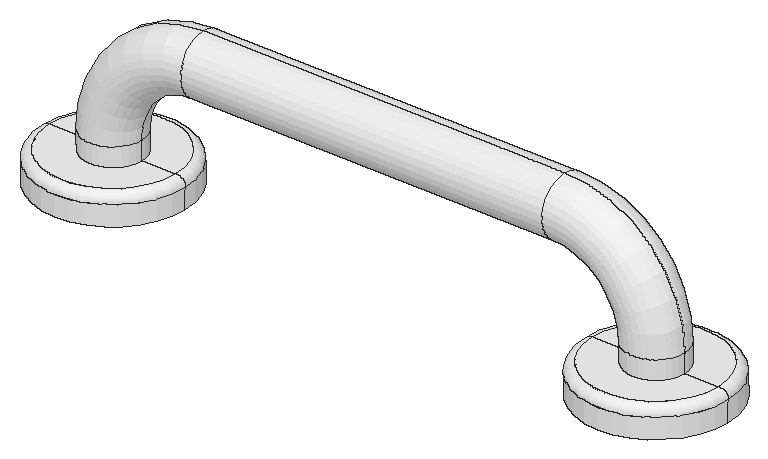
Revit family "Home collection grab rail - straight 300mm-687370W", category Specialty Equipment, host Face, Revit 2015
Parameters (values of type "Home collection grab rail - straight 300mm White")
  URL = "https://www.caroma.com.au/"
  Rail_Width = 300 mm
  Rail_Offset = 76 mm
  Model = "687370W"
  Material_Rail = GWA-Metal-White
  Manufacturer = "GWA Bathrooms & Kitchens"  # constant formula
  Description = "Home collection grab rail - straight 300mm White"
  Default Elevation = 900 mm
  CreatedBy_ANZRS = "GWA Bathrooms & Kitchens"  # constant formula
  Assembly Code = "C1030200"
Types (9, lengths in mm): name | Rail_Width | Rail_Offset | Model | Material_Rail | Description
  (no name) | 300 | 76 | "687370W" | GWA-Metal-White | "Home collection grab rail - straight 300mm White"
  Home collection grab rail - straight 300mm Chrome | 300 | 76 | "687370C" | GWA_Metal-Chrome | "Home collection grab rail - straight 300mm Chrome"
  Home collection grab rail - straight 300mm White | 300 | 76 | "687370W" | GWA-Metal-White | "Home collection grab rail - straight 300mm White"
  Home collection grab rail - straight 450mm Chrome | 450 | 76 | "687371C" | GWA_Metal-Chrome | "Home collection grab rail - straight 450mm Chrome"
  Home collection grab rail - straight 450mm White | 450 | 76 | "687371W" | GWA-Metal-White | "Home collection grab rail - straight 450mm White"
  Home collection grab rail - straight 600mm Chrome | 600 | 71 | "687372C" | GWA_Metal-Chrome | "Home collection grab rail - straight 600mm Chrome"
  Home collection grab rail - straight 600mm White | 600 | 71 | "687372W" | GWA-Metal-White | "Home collection grab rail - straight 600mm White"
  Home collection grab rail - straight 900mm Chrome | 900 | 71 | "687373C" | GWA_Metal-Chrome | "Home collection grab rail - straight 900mm Chrome"
  Home collection grab rail - straight 900mm White | 900 | 71 | "687373W" | GWA-Metal-White | "Home collection grab rail - straight 900mm White"
Reference planes
  plane 1 "Center (Front/Back)": y = 0
  plane 2: z = 0
  plane 3 "Center (Left/Right)": x = 0
  plane 4 "Left": x = -150
  plane 5 "Right": x = 150
  plane 6: z = 76
Forms (mm)
  Sweep 1, solid, material "GWA-Metal-White" <- "Material_Rail"
    path origin (0, 0, 56.664) x (1, 0, 0) y (0, 0, 1)
      loop
        line (-150, -56.664) -> (-150, -30.664)
        arc (-150, -30.664) -> (-135.355, 4.691) -> (-100, 19.336) r 50
        line (-100, 19.336) -> (100, 19.336)
        arc (100, 19.336) -> (135.355, 4.691) -> (150, -30.664) r 50
        line (150, -30.664) -> (150, -56.664)
    profile origin (-150, 0, 13) x (-1, 0, 0) y (0, -1, 0)
      loop
        circle (0, 0) r 16
  Revolve 2, solid, material "GWA-Metal-White" <- "Material_Rail"
    sketch origin (0, 0, 0) x (1, 0, 0) y (0, 0, 1)
      loop
        line (-150, 0) -> (-110, 0) -> (-110, 11)
        arc (-110, 11) -> (-111.464, 14.536) -> (-115, 16) r 5
        line (-115, 16) -> (-150, 16) -> (-150, 0)
      axis (-150, 16) -> (-150, 0)
    angle from 0 to 360
  Revolve 3, solid, material "GWA-Metal-White" <- "Material_Rail"
    sketch origin (0, 0, 0) x (1, 0, 0) y (0, 0, 1)
      loop
        line (150, 0) -> (190, 0) -> (190, 11)
        arc (190, 11) -> (188.536, 14.536) -> (185, 16) r 5
        line (185, 16) -> (150, 16) -> (150, 0)
      axis (150, 16) -> (150, 0)
    angle from 0 to 360
Lines and regions (mm)
  Masking region 1
    outline origin (0, 0, 0) x (1, 0, 0) y (0, 1, 0)
      loop
        arc (-113.339, 16) -> (-190, 0) -> (-113.339, -16) r 40
        line (-113.339, -16) -> (113.339, -16)
        arc (113.339, -16) -> (190, 0) -> (113.339, 16) r 40
        line (113.339, 16) -> (-113.339, 16)
  Masking region 2
    outline origin (0, 0, 0) x (1, 0, 0) y (0, 0, 1)
      loop
        line (-110, 0) -> (-110, 11)
        arc (-110, 11) -> (-111.464, 14.536) -> (-115, 16) r 5
        line (-115, 16) -> (-134, 16) -> (-134, 26)
        arc (-134, 26) -> (-124.042, 50.042) -> (-100, 60) r 34
        line (-100, 60) -> (100, 60)
        arc (100, 60) -> (124.042, 50.042) -> (134, 26) r 34
        line (134, 26) -> (134, 16) -> (115, 16)
        arc (115, 16) -> (111.464, 14.536) -> (110, 11) r 5
        line (110, 11) -> (110, 0) -> (190, 0) -> (190, 11)
        arc (190, 11) -> (188.536, 14.536) -> (185, 16) r 5
        line (185, 16) -> (166, 16) -> (166, 26)
        arc (166, 26) -> (146.669, 72.669) -> (100, 92) r 66
        line (100, 92) -> (-100, 92)
        arc (-100, 92) -> (-146.669, 72.669) -> (-166, 26) r 66
        line (-166, 26) -> (-166, 16) -> (-185, 16)
        arc (-185, 16) -> (-188.536, 14.536) -> (-190, 11) r 5
        line (-190, 11) -> (-190, 0) -> (-110, 0)
  Masking region 3
    outline origin (0, 0, 0) x (0, 1, 0) y (0, 0, 1)
      loop
        line (-40, 0) -> (40, 0) -> (40, 11)
        arc (40, 11) -> (38.536, 14.536) -> (35, 16) r 5
        line (35, 16) -> (16, 16) -> (16, 76)
        arc (16, 76) -> (0, 92) -> (-16, 76) r 16
        line (-16, 76) -> (-16, 16) -> (-35, 16)
        arc (-35, 16) -> (-38.536, 14.536) -> (-40, 11) r 5
        line (-40, 11) -> (-40, 0)
  symbolic lines
    curve 1: arc (-150, 16, 0) -> (-166, 0, 0) -> (-150, -16, 0) r 16
    curve 2: arc (150, 16, 0) -> (166, 0, 0) -> (150, -16, 0) r 16
    curve 3: arc (113.339, 16, 0) -> (190, 0, 0) -> (113.339, -16, 0) r 40
    curve 4: arc (-113.339, -16, 0) -> (-190, 0, 0) -> (-113.339, 16, 0) r 40
    curve 5: line (-150, 16, 0) -> (150, 16, 0)
    curve 6: line (150, -16, 0) -> (-150, -16, 0)
    curve 7: line (-150, 0, 0) -> (-190, 0, 0)
    curve 8: line (-190, 0, 0) -> (-190, 0, 11)
    curve 9: line (-110, 0, 0) -> (-110, 0, 11)
    curve 10: line (-115, 0, 16) -> (-185, 0, 16)
    curve 11: arc (-185, 0, 16) -> (-188.536, 0, 14.536) -> (-190, 0, 11) r 5
    curve 12: arc (-115, 0, 16) -> (-111.464, 0, 14.536) -> (-110, 0, 11) r 5
    curve 13: line (-134, 0, 16) -> (-134, 0, 26)
    curve 14: line (-166, 0, 16) -> (-166, 0, 26)
    curve 15: line (190, 0, 0) -> (190, 0, 11)
    curve 16: line (185, 0, 16) -> (115, 0, 16)
    curve 17: line (110, 0, 11) -> (110, 0, 0)
    curve 18: line (110, 0, 0) -> (190, 0, 0)
    curve 19: line (134, 0, 16) -> (134, 0, 26)
    curve 20: line (166, 0, 16) -> (166, 0, 26)
    curve 21: line (100, 0, 92) -> (-100, 0, 92)
    curve 22: line (100, 0, 60) -> (-100, 0, 60)
    curve 23: arc (-134, 0, 26) -> (-124.042, 0, 50.042) -> (-100, 0, 60) r 34
    curve 24: arc (100, 0, 60) -> (124.042, 0, 50.042) -> (134, 0, 26) r 34
    curve 25: arc (-166, 0, 26) -> (-146.669, 0, 72.669) -> (-100, 0, 92) r 66
    curve 26: arc (100, 0, 92) -> (146.669, 0, 72.669) -> (166, 0, 26) r 66
    curve 27: arc (110, 0, 11) -> (111.464, 0, 14.536) -> (115, 0, 16) r 5
    curve 28: arc (185, 0, 16) -> (188.536, 0, 14.536) -> (190, 0, 11) r 5
    curve 29: line (0, -40, 0) -> (0, -40, 11)
    curve 30: line (0, -35, 16) -> (0, 35, 16)
    curve 31: line (0, 40, 11) -> (0, 40, 0)
    curve 32: line (0, 40, 0) -> (0, -40, 0)
    curve 33: line (0, -16, 16) -> (0, -16, 76)
    curve 34: line (0, 16, 16) -> (0, 16, 76)
    curve 35: arc (0, -40, 11) -> (0, -38.536, 14.536) -> (0, -35, 16) r 5
    curve 36: arc (0, 35, 16) -> (0, 38.536, 14.536) -> (0, 40, 11) r 5
    curve 37: arc (0, -16, 76) -> (0, 0, 92) -> (0, 16, 76) r 16
Dimensions and locks
  "Rail_Width": plane 4 "Left" to plane 5 "Right"
  equal spacing: plane 4 "Left", plane 3 "Center (Left/Right)", plane 5 "Right"
  "Rail_Offset": level to plane 6
  curve 21 to plane 6 = 16 mm
  curve 16 to curve 18 = 16 mm
  radius of Sweep 1 sketch curve = 50 mm  (x2)
  aligned and locked: plane 2 to host face
  aligned and locked: level to host face
  aligned and locked: Revolve 3 to Sweep 1 sketch curve
  aligned and locked: Sweep 1 sketch curve to curve 7
Automatic sketch dimensions
  host sketch curve to host sketch curve = 1402.285 mm
  host sketch curve to host sketch curve = 393.94 mm
  plane 1 "Center (Front/Back)" to Sweep 1 sketch curve = 0 mm
  Sweep 1 sketch curve to profile plane = 0 mm
  Revolve 2 sketch curve to level = 0 mm
  Revolve 2 sketch curve to plane 4 "Left" = 0 mm  (x2)
  level to Revolve 2 sketch curve = 11 mm
  plane 4 "Left" to Revolve 2 sketch curve = 35 mm
  Revolve 2 sketch curve to Revolve 2 sketch curve = 5 mm
  Revolve 2 sketch curve to Revolve 2 sketch curve = 12.981 mm
  Revolve 2 sketch curve to Revolve 2 sketch curve = 10 mm
  Revolve 3 sketch curve to level = 0 mm
  Revolve 3 sketch curve to plane 5 "Right" = 0 mm  (x2)
  level to Revolve 3 sketch curve = 11 mm
  plane 5 "Right" to Revolve 3 sketch curve = 35 mm
  Revolve 3 sketch curve to Revolve 3 sketch curve = 5 mm
  Revolve 3 sketch curve to Revolve 3 sketch curve = 20 mm
  Revolve 3 sketch curve to Revolve 3 sketch curve = 45 mm
  plane 1 "Center (Front/Back)" to Masking region 1 sketch curve = 0 mm  (x2)
  Masking region 1 sketch curve to plane 4 "Left" = 0 mm
  Masking region 1 sketch curve to plane 5 "Right" = 0 mm
  Masking region 1 sketch curve to plane 1 "Center (Front/Back)" = 16 mm
  plane 4 "Left" to Masking region 1 sketch curve = 36.661 mm
  Masking region 1 sketch curve to plane 5 "Right" = 36.661 mm
  plane 1 "Center (Front/Back)" to Masking region 1 sketch curve = 16 mm
  curve 23 to curve 25 = 0 mm  (x2)
  curve 24 to curve 26 = 0 mm  (x2)
  curve 7 to level = 0 mm
  curve 7 to plane 4 "Left" = 0 mm
  curve 9 to level = 0 mm
  curve 17 to level = 0 mm
  level to curve 11 = 11 mm
  curve 11 to curve 14 = 19 mm
  curve 8 to curve 11 = 5 mm
  plane 4 "Left" to curve 13 = 16 mm
  curve 13 to curve 12 = 19 mm
  curve 12 to curve 9 = 5 mm
  curve 12 to curve 25 = 10 mm
  curve 26 to curve 17 = 10 mm
  curve 17 to curve 27 = 5 mm
  curve 19 to plane 5 "Right" = 16 mm
  curve 20 to curve 28 = 19 mm
  curve 28 to curve 18 = 5 mm
  Sweep 1 sketch curve to plane 4 "Left" = 0 mm
  Sweep 1 sketch curve to plane 5 "Right" = 0 mm
  plane 6 to Sweep 1 sketch curve = 0 mm
  curve 24 to curve 19 = 34 mm
  curve 14 to plane 4 "Left" = 16 mm
  Masking region 2 sketch curve to Masking region 2 sketch curve = 0 mm  (x4)
  Masking region 2 sketch curve to level = 0 mm  (x2)
  Masking region 2 sketch curve to plane 4 "Left" = 40 mm
  Masking region 2 sketch curve to Masking region 2 sketch curve = 5 mm  (x4)
  Masking region 2 sketch curve to plane 4 "Left" = 16 mm
  plane 4 "Left" to Masking region 2 sketch curve = 16 mm
  Masking region 2 sketch curve to Masking region 2 sketch curve = 19 mm  (x2)
  Masking region 2 sketch curve to plane 6 = 16 mm
  Masking region 2 sketch curve to Masking region 2 sketch curve = 34 mm
  Masking region 2 sketch curve to plane 5 "Right" = 50 mm
  Masking region 2 sketch curve to plane 5 "Right" = 40 mm
  Masking region 2 sketch curve to plane 5 "Right" = 16 mm
  level to Masking region 2 sketch curve = 11 mm  (x4)
  curve 29 to level = 0 mm
  curve 37 to plane 6 = 0 mm
  curve 37 to plane 1 "Center (Front/Back)" = 0 mm
  level to curve 35 = 11 mm
  plane 1 "Center (Front/Back)" to curve 35 = 35 mm
  curve 32 to curve 35 = 5 mm
  level to curve 36 = 11 mm
  curve 36 to plane 1 "Center (Front/Back)" = 35 mm
  plane 1 "Center (Front/Back)" to curve 33 = 16 mm
  Masking region 3 sketch curve to level = 0 mm
  Masking region 3 sketch curve to plane 6 = 0 mm
  Masking region 3 sketch curve to plane 1 "Center (Front/Back)" = 0 mm
  plane 1 "Center (Front/Back)" to Masking region 3 sketch curve = 16 mm
  level to Masking region 3 sketch curve = 11 mm  (x2)
  Masking region 3 sketch curve to Masking region 3 sketch curve = 19 mm  (x2)
  Masking region 3 sketch curve to Masking region 3 sketch curve = 5 mm  (x2)
  curve 1 to curve 4 = 0 mm  (x2)
  curve 2 to curve 3 = 0 mm  (x2)
  plane 1 "Center (Front/Back)" to curve 1 = 0 mm
  curve 1 to plane 4 "Left" = 0 mm
  curve 2 to plane 5 "Right" = 0 mm
  plane 4 "Left" to curve 4 = 36.661 mm
  curve 3 to curve 2 = 36.661 mm
  curve 3 to plane 1 "Center (Front/Back)" = 16 mm
  radius of Sweep 1 sketch curve = 16 mm
